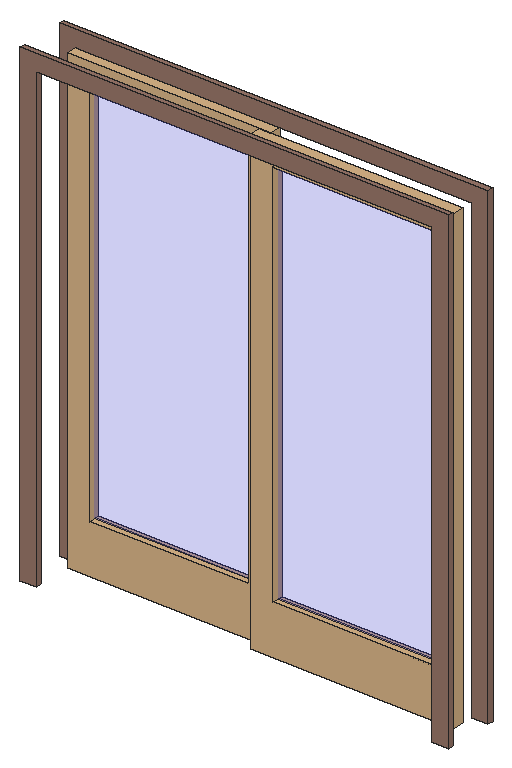
Revit family "0073_M_DR_W_sliding-2 panel", category 문, Revit 2026
Family settings
  호스트 = 벽
  항상 수직 = 예
  로드될 때 보이드를 사용하여 절단 = 아니오
  공유 = 아니오
  룸 계산 점 = 아니오
Parameters (values of type "72" x 84"")
  기능 = 내부
  Top Rail = 0' - 4"
  두께 = 0' - 2"
  Bottom Rail = 0' - 9"
  조합 코드 = "C1020"
  Door Material = Door - Panel
  Frame Material = Door - Frame
  Height = 7' - 0"
  Stile Width = 0' - 4"
  Trim Projection Ext = 0' - 1"
  Trim Projection Int = 0' - 1"
  Trim Width = 0' - 3"
  벽 마무리 = 호스트별
  Width = 6' - 0"
Types (6): name | Top Rail | 두께 | Bottom Rail | 조합 코드 | Height | Stile Width | Trim Projection Ext | Trim Projection Int | Trim Width | Width
  72" x 84" | 0' - 4" | 0' - 2" | 0' - 9" | "C1020" | 7' - 0" | 0' - 4" | 0' - 1" | 0' - 1" | 0' - 3" | 6' - 0"
  68" x 80" | 0' - 4" | 0' - 2" | 0' - 9" | "C1020" | 6' - 8" | 0' - 4" | 0' - 1" | 0' - 1" | 0' - 3" | 5' - 8"
  68" x 84" | 0' - 4" | 0' - 2" | 0' - 9" | "C1020" | 7' - 0" | 0' - 4" | 0' - 1" | 0' - 1" | 0' - 3" | 5' - 8"
  72" x 78" | 0' - 4" | 0' - 2" | 0' - 9" | "C1020" | 6' - 6" | 0' - 4" | 0' - 1" | 0' - 1" | 0' - 3" | 6' - 0"
  72" x 82" | 0' - 4" | 0' - 2" | 0' - 9" | "C1020" | 6' - 10" | 0' - 4" | 0' - 1" | 0' - 1" | 0' - 3" | 6' - 0"
  0915 x 2134mm | 0' - 3.93701" | 0' - 1.9685" | 0' - 9.44882" | 0' - 0" | 7' - 0.01575" | 0' - 3.93701" | 0' - 0.98425" | 0' - 0.98425" | 0' - 2.95276" | 6' - 0.04724"
Reference planes (in)
  plane 1: y = 0
  plane 2: z = 0
  plane 3: x = 0
  plane 4: x = -36
  plane 5: x = 36
  plane 6: z = 84
  plane 7: y = 9
  plane 8: y = 1
Forms (in)
  Extrusion 1, solid, material "Door - Panel" <- "Door Material"
    sketch origin (0, 3, 0) x (1, 0, 0) y (0, 0, 1)
      loop
        line (36, 84) -> (-1, 84) -> (-1, 0) -> (36, 0) -> (36, 84)
      loop
        line (32, 80) -> (3, 80) -> (3, 9) -> (32, 9) -> (32, 80)
    from -4 to -2
  Extrusion 2, solid, material "Glass"
    sketch origin (0, 9, 0) x (1, 0, 0) y (0, 0, 1)
      loop
        line (-3, 80) -> (-32, 80) -> (-32, 9) -> (-3, 9) -> (-3, 80)
    from 1 to 0.75
  Extrusion 3, solid, material "Glass"
    sketch origin (0, 7, 0) x (1, 0, 0) y (0, 0, 1)
      loop
        line (32, 80) -> (3, 80) -> (3, 9) -> (32, 9) -> (32, 80)
    from 0.96875 to 0.71875
  Extrusion 4, solid, material "Door - Frame" <- "Frame Material"
    sketch origin (-60, 9, 0) x (-1, 0, 0) y (0, 0, 1)
      loop
        line (-96, 0) -> (-96, 84) -> (-24, 84) -> (-24, 0) -> (-21, 0) -> (-21, 87) -> (-99, 87) -> (-99, 0) -> (-96, 0)
    from 0 to 1
  Extrusion 5, solid, material "Door - Frame" <- "Frame Material"
    sketch origin (0, 1, 0) x (0, 0, -1) y (-1, 0, 0)
      loop
        line (0, 36) -> (0, 39) -> (-87, 39) -> (-87, -39) -> (0, -39) -> (0, -36) -> (-84, -36) -> (-84, 36) -> (0, 36)
    from 0 to -1
  Extrusion 6, solid, material "Door - Panel" <- "Door Material"
    sketch origin (-60, 9, 0) x (-1, 0, 0) y (0, 0, 1)
      loop
        line (-24, 84) -> (-61, 84) -> (-61, 0) -> (-24, 0) -> (-24, 84)
      loop
        line (-28, 80) -> (-57, 80) -> (-57, 9) -> (-28, 9) -> (-28, 80)
    from -2 to 0
Lines and regions (in)
  Opening 1
    outline origin (-60, 1, 144) x (0, 0, -1) y (1, 0, 0)
      loop
        line (60, 96) -> (60, 24) -> (144, 24) -> (144, 96) -> (60, 96)
  symbolic lines, style "DoorsGlassProjection"
    curve 1: line (-34, 8, 0) -> (-1, 8, 0)
    curve 2: line (1, 6.27205, 0) -> (34, 6.27205, 0)
  symbolic lines, style "DoorsFrameMullionProjection"
    curve 3: line (34, 7, 0) -> (36, 7, 0)
    curve 4: line (34, 7, 0) -> (34, 5, 0)
    curve 5: line (34, 5, 0) -> (36, 5, 0)
    curve 6: line (36, 7, 0) -> (36, 5, 0)
    curve 7: line (-1, 9, 0) -> (1, 9, 0)
    curve 8: line (-1, 9, 0) -> (-1, 7, 0)
    curve 9: line (-1, 7, 0) -> (1, 7, 0)
    curve 10: line (1, 9, 0) -> (1, 7, 0)
    curve 11: line (-1, 7, 0) -> (1, 7, 0)
    curve 12: line (-1, 7, 0) -> (-1, 5, 0)
    curve 13: line (-1, 5, 0) -> (1, 5, 0)
    curve 14: line (1, 7, 0) -> (1, 5, 0)
    curve 15: line (-36, 9, 0) -> (-34, 9, 0)
    curve 16: line (-36, 9, 0) -> (-36, 7, 0)
    curve 17: line (-36, 7, 0) -> (-34, 7, 0)
    curve 18: line (-34, 9, 0) -> (-34, 7, 0)
Text (in)
  text "Exterior" at (-68.33502, 21.89683, 0), in view "Ground floor"
  text "Exterior" at (0, 35.48876, 116.93956), in view "Left"
Dimensions and locks (in)
  equal spacing: plane 4, plane 3, plane 5
  "Width": plane 4 to plane 5
  "Height": plane 2 to plane 6
  "Stile Width": Extrusion 1 sketch curve to plane 5
  locked: Extrusion 1 to Extrusion 1 at 2
  "Bottom Rail": plane 2 to Extrusion 1 sketch curve
  "Top Rail": Extrusion 1 sketch curve to plane 6
  "Stile Width": Extrusion 1 sketch curve to Extrusion 1 sketch curve
  "Trim Width": plane 6 to Extrusion 4 sketch curve
  "Trim Width": plane 4 to Extrusion 4 sketch curve
  "Trim Width": plane 5 to Extrusion 4 sketch curve
  "Trim Projection Int": plane 8 to Extrusion 5
  "Trim Projection Ext": Extrusion 4 to Extrusion 4
  "Trim Width": Extrusion 5 sketch curve to plane 4
  "Trim Width": plane 5 to Extrusion 5 sketch curve
  "Trim Width": Extrusion 5 sketch curve to plane 6
  "Top Rail": Extrusion 6 sketch curve to plane 6
  "Bottom Rail": plane 2 to Extrusion 6 sketch curve
  "Stile Width": Extrusion 6 sketch curve to Extrusion 6 sketch curve  (x2)
  "Stile Width": Extrusion 2 sketch curve to plane 4
  Extrusion 6 sketch curve to plane 3 = 0' - 1"
  plane 3 to Extrusion 1 sketch curve = 0' - 1"
  locked: Extrusion 2 to Extrusion 6 at 1
  aligned and locked: Opening 1 sketch curve to plane 6
  aligned and locked: Opening 1 sketch curve to plane 4
  aligned and locked: plane 5 to Opening 1 sketch curve
  aligned and locked: Extrusion 1 sketch curve to plane 6
  aligned and locked: plane 5 to Extrusion 1 sketch curve
  aligned and locked: level to Extrusion 1 sketch curve
  aligned and locked: host wall to plane 7
  aligned and locked: Extrusion 3 sketch curve to Extrusion 1  (x4)
  aligned and locked: plane 8 to host wall
  aligned and locked: Extrusion 2 sketch curve to Extrusion 6  (x3)
  aligned and locked: Extrusion 6 to Extrusion 1
  aligned and locked: host wall to Extrusion 6
Automatic sketch dimensions
  Opening 1 sketch curve to level = 0' - 0"
  curve 14 to curve 2 = 0' - 1.27205"
  curve 14 to curve 10 = 0' - 2"
  Extrusion 4 sketch curve to level = 0' - 0"  (x2)
  Extrusion 4 sketch curve to plane 5 = 0' - 0"
  Extrusion 4 sketch curve to plane 4 = 0' - 0"
  Extrusion 4 sketch curve to plane 6 = 0' - 0"
  Extrusion 5 sketch curve to plane 4 = 0' - 0"
  Extrusion 5 sketch curve to plane 6 = 0' - 0"
  Extrusion 5 sketch curve to level = 0' - 0"  (x2)
  Extrusion 5 sketch curve to plane 5 = 0' - 0"
  curve 16 to plane 4 = 0' - 0"
  curve 18 to plane 7 = 0' - 0"
  curve 7 to plane 7 = 0' - 0"
  curve 18 to plane 4 = 0' - 2"
  curve 1 to plane 3 = 0' - 1"
  plane 3 to curve 10 = 0' - 1"
  curve 14 to curve 10 = 0' - 4"
  curve 18 to curve 15 = 0' - 2"
  plane 7 to curve 1 = 0' - 1"
  Extrusion 6 sketch curve to plane 4 = 0' - 0"
  curve 4 to curve 2 = 0' - 1.27205"
  curve 3 to plane 5 = 0' - 0"
  curve 5 to curve 5 = 0' - 2"
  curve 2 to curve 4 = 0' - 0.72795"
  Extrusion 6 sketch curve to level = 0' - 0"
  Extrusion 6 sketch curve to plane 6 = 0' - 0"
